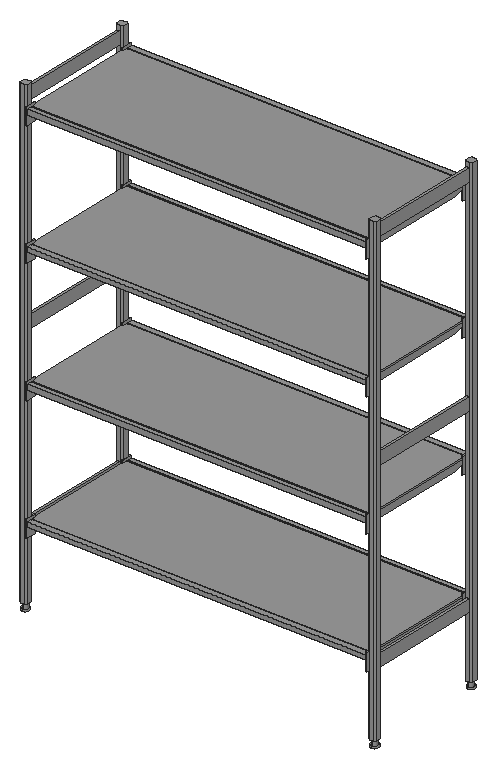
Revit family "QF_ELECTROLUXPROFESSIONAL_137036_BLS1304", category Attrezzature speciali, Revit 2020
Family settings
  Quota connettore circolare = Usa diametro
  Tipo di parte = Normale
  Basato su piano di lavoro = No
  Sempre verticale = Sì
  Taglio con vuoti quando caricato = No
  Condiviso = No
  Punto di calcolo locali = No
Parameters (values of type "Standard")
  Weight = 25.00 kg
  Watts = 0 W
  Volts = 0 V
  URL Manufacturer = "https://www.electroluxprofessional.com/"
  URL = "https://www.electroluxprofessional.com/"
  Steam Supply Size = 0 mm
  Steam Supply Minimum Pressure = 0.0 Pa
  Steam Supply Maximum Pressure = 0.0 Pa
  Steam Consumption per Hour = 0
  Refrigeration Suction Line Size = 0.0 mm
  Refrigeration Liquid Line Size = 0.0 mm
  Refrigerant Compressor Remote = yes
  Prospetto di default = 0.0 mm
  Phase = 0
  Modello = "BLS1304"
  Produttore = "Electrolux Professional"
  Length Actual = 1304.0 mm  # constant formula
  Item Number = "137036"
  Hot Water Size = 0 mm
  Height Actual = 1700.0 mm  # constant formula
  HP = "0 HP"
  Gas Size = 0 mm
  Gas KW = 0
  Gas Input Pressure = 0 W
  Direct Waste Size = 0 mm
  Descrizione = "ALUM.LINEAR SHELV.-POLY.TIERS-475X1304MM"
  Depth Actual = 475.0 mm  # constant formula
  Cycle = 0 Hz
  Condensate Return Size = 0 mm
  Compressed Air Volume = 0.0 L/s
  Compressed Air Size = 0 mm
  Compressed Air Pressure = 0.0 Pa
  Cold Water Size = 0 mm
  Accessory = yes
Reference planes
  plane 1: z = 0
  plane 2 "Center (Left/Right)": x = -31
  plane 3 "LEFT": x = -683
  plane 4 "RIGHT": x = 621
  plane 5 "BACK": y = 23
  plane 6 "FRONT": y = -452
  plane 7 "TOP": z = 1700
  plane 8: x = 616
  plane 9: x = -651
  plane 10: x = 589
  plane 11 "Center (Front/Back)": y = -214.5
  plane 12: x = 584
  plane 13: y = -8.5
  plane 14: y = -420.5
  plane 15 "FEET": z = 25
  plane 16: z = 275
  plane 17: z = 725
  plane 18: z = 1175
  plane 19: z = 1625
  plane 20 "CXLeft": x = -669
  plane 21 "CXRight": x = 607
  plane 22: y = 5.5
  plane 23 "CYBack": y = 5.5
  plane 24 "CYFront": y = -434.5
Forms (mm)
  Extrusion 1, solid, material "QF_Aluminum"
    sketch origin (-683, 0, 0) x (0, 1, 0) y (0, 0, 1)
      loop
        line (4, 1650.994) -> (4, 1632.998) -> (23, 1632.998) -> (23, 1650.994) -> (4, 1650.994)
      loop
        line (-433, 1650.994) -> (-452, 1650.994) -> (-452, 1632.998) -> (-433, 1632.998) -> (-433, 1650.994)
      loop
        line (4, 1200.994) -> (4, 1182.998) -> (23, 1182.998) -> (23, 1200.994) -> (4, 1200.994)
      loop
        line (-433, 1200.994) -> (-452, 1200.994) -> (-452, 1182.998) -> (-433, 1182.998) -> (-433, 1200.994)
      loop
        line (4, 750.994) -> (4, 732.998) -> (23, 732.998) -> (23, 750.994) -> (4, 750.994)
      loop
        line (-433, 750.994) -> (-452, 750.994) -> (-452, 732.998) -> (-433, 732.998) -> (-433, 750.994)
      loop
        line (4, 300.994) -> (4, 282.998) -> (23, 282.998) -> (23, 300.994) -> (4, 300.994)
      loop
        line (-433, 300.994) -> (-452, 300.994) -> (-452, 282.998) -> (-433, 282.998) -> (-433, 300.994)
    from 32 to 1272
  Extrusion 2, solid, material "QF_Polyethylene"
    sketch origin (-683, 0, 0) x (0, 1, 0) y (0, 0, 1)
      loop
        line (2.007, 1650.994) -> (-431, 1650.994) -> (-431, 1644.496) -> (2.007, 1644.496) -> (2.007, 1650.994)
      loop
        line (2.007, 1200.994) -> (-431, 1200.994) -> (-431, 1194.496) -> (2.007, 1194.496) -> (2.007, 1200.994)
      loop
        line (2.007, 750.994) -> (-431, 750.994) -> (-431, 744.496) -> (2.007, 744.496) -> (2.007, 750.994)
      loop
        line (2.007, 300.994) -> (-431, 300.994) -> (-431, 294.496) -> (2.007, 294.496) -> (2.007, 300.994)
    from 32 to 1272
  Extrusion 3, solid, material "QF_Aluminum"
    sketch origin (621, 0, 0) x (0, 1, 0) y (0, 0, 1)
      loop
        line (-12, 1632.998) -> (4, 1632.998) -> (4, 1650.994) -> (2.007, 1650.994) -> (2.007, 1644.496) -> (-431, 1644.496) -> (-431, 1650.994) -> (-433, 1650.994) -> (-433, 1632.998) -> (-417, 1632.998) -> (-383, 1620.994) -> (-46, 1620.994) -> (-12, 1632.998)
      loop
        line (-12, 1182.998) -> (4, 1182.998) -> (4, 1200.994) -> (2.007, 1200.994) -> (2.007, 1194.496) -> (-431, 1194.496) -> (-431, 1200.994) -> (-433, 1200.994) -> (-433, 1182.998) -> (-417, 1182.998) -> (-383, 1170.994) -> (-46, 1170.994) -> (-12, 1182.998)
      loop
        line (-12, 732.998) -> (4, 732.998) -> (4, 750.994) -> (2.007, 750.994) -> (2.007, 744.496) -> (-431, 744.496) -> (-431, 750.994) -> (-433, 750.994) -> (-433, 732.998) -> (-417, 732.998) -> (-383, 720.994) -> (-46, 720.994) -> (-12, 732.998)
      loop
        line (-12, 282.998) -> (4, 282.998) -> (4, 300.994) -> (2.007, 300.994) -> (2.007, 294.496) -> (-431, 294.496) -> (-431, 300.994) -> (-433, 300.994) -> (-433, 282.998) -> (-417, 282.998) -> (-383, 270.994) -> (-46, 270.994) -> (-12, 282.998)
    from -32 to -37
Lines and regions (mm)
  symbolic lines
    curve 1: line (589, 4, 1700) -> (-651, 4, 1700)
    curve 2: line (-655, 23, 1700) -> (593, 23, 1700)
    curve 3: line (593, 13.246, 1700) -> (599.254, 19.5, 1700)
    curve 4: line (599.254, -8.5, 1700) -> (593, -2.246, 1700)
    curve 5: line (599.254, -420.5, 1700) -> (593, -426.754, 1700)
    curve 6: line (-655, -452, 1700) -> (593, -452, 1700)
    curve 7: line (593, 23, 1700) -> (593, -12.993, 1700)
    curve 8: line (593, -12.993, 1700) -> (589, -12.993, 1700)
    curve 9: line (593, -452, 1700) -> (593, -416.007, 1700)
    curve 10: line (593, -416.007, 1700) -> (589, -416.007, 1700)
    curve 11: line (-651, -12.993, 1700) -> (-651, -416.007, 1700)
    curve 12: line (-651, -433, 1700) -> (589, -433, 1700)
    curve 13: line (589, -12.993, 1700) -> (589, -416.007, 1700)
Dimensions and locks
  locked: plane 3 "LEFT" to plane 4 "RIGHT" at 1304
  equal spacing: plane 3 "LEFT", plane 2 "Center (Left/Right)", plane 4 "RIGHT"
  locked: plane 7 "TOP" to level at 1700
  locked: plane 5 "BACK" to plane 6 "FRONT" at 475
  locked: plane 4 "RIGHT" to plane 8 at 5
  locked: plane 9 to plane 10 at 1240
  locked: plane 3 "LEFT" to plane 9 at 32
  plane 12 to plane 10 = 5.0 mm
  locked: plane 13 to plane 14 at 412
  equal spacing: plane 13, plane 11 "Center (Front/Back)", plane 14
  equal spacing: plane 5 "BACK", plane 11 "Center (Front/Back)", plane 6 "FRONT"
  plane 15 "FEET" to level = 25.0 mm
  plane 7 "TOP" to plane 15 "FEET" = 1675.0 mm
  plane 16 to plane 15 "FEET" = 250.0 mm
  plane 17 to plane 16 = 450.0 mm
  plane 18 to plane 17 = 450.0 mm
  plane 19 to plane 18 = 450.0 mm
  locked: plane 3 "LEFT" to plane 20 "CXLeft" at 14
  locked: plane 21 "CXRight" to plane 4 "RIGHT" at 14
  locked: plane 5 "BACK" to plane 23 "CYBack" at 17.5
  locked: plane 24 "CYFront" to plane 6 "FRONT" at 17.5
  aligned and locked: level to plane 1
  aligned and locked: plane 9 to Extrusion 2
  aligned and locked: Extrusion 2 to plane 10
  aligned and locked: plane 9 to Extrusion 1
  aligned and locked: Extrusion 1 to plane 10
  aligned and locked: Extrusion 1 sketch curve to Extrusion 1 sketch curve  (x2)
  aligned and locked: Extrusion 3 sketch curve to Extrusion 3 sketch curve  (x3)
  aligned and locked: Extrusion 3 to plane 12
  aligned and locked: Extrusion 3 to plane 10
  aligned and locked: nested 1 to plane 20 "CXLeft"
  aligned and locked: nested 2 to plane 21 "CXRight"
Automatic sketch dimensions
  Extrusion 1 sketch curve to plane 6 "FRONT" = 0.0 mm  (x4)
  Extrusion 1 sketch curve to plane 5 "BACK" = 0.0 mm  (x4)
  plane 24 "CYFront" to Extrusion 1 sketch curve = 1.5 mm  (x2)
  plane 22 to Extrusion 1 sketch curve = 1.5 mm  (x4)
  plane 16 to Extrusion 1 sketch curve = 7.998 mm  (x2)
  Extrusion 1 sketch curve to Extrusion 1 sketch curve = 17.997 mm  (x8)
  plane 17 to Extrusion 1 sketch curve = 7.998 mm  (x2)
  plane 18 to Extrusion 1 sketch curve = 7.998 mm  (x2)
  plane 19 to Extrusion 1 sketch curve = 7.998 mm  (x2)
  plane 24 "CYFront" to Extrusion 2 sketch curve = 3.5 mm  (x4)
  plane 22 to Extrusion 2 sketch curve = 3.493 mm  (x4)
  plane 16 to Extrusion 2 sketch curve = 19.496 mm
  Extrusion 2 sketch curve to Extrusion 2 sketch curve = 6.499 mm  (x4)
  plane 17 to Extrusion 2 sketch curve = 19.496 mm
  plane 18 to Extrusion 2 sketch curve = 19.496 mm
  plane 19 to Extrusion 2 sketch curve = 19.496 mm
  plane 24 "CYFront" to Extrusion 3 sketch curve = 1.5 mm  (x4)
  Extrusion 3 sketch curve to Extrusion 3 sketch curve = 2.0 mm
  plane 14 to Extrusion 3 sketch curve = 3.5 mm  (x4)
  Extrusion 3 sketch curve to plane 16 = 4.006 mm
  Extrusion 3 sketch curve to Extrusion 3 sketch curve = 34.0 mm  (x4)
  Extrusion 3 sketch curve to plane 17 = 4.006 mm
  Extrusion 3 sketch curve to plane 18 = 4.006 mm
  Extrusion 3 sketch curve to plane 19 = 4.006 mm
  Extrusion 3 sketch curve to plane 13 = 37.5 mm  (x4)
  Extrusion 3 sketch curve to plane 13 = 3.5 mm  (x4)
  plane 22 to Extrusion 3 sketch curve = 3.493 mm  (x4)
  plane 22 to Extrusion 3 sketch curve = 1.5 mm  (x4)
  plane 16 to Extrusion 3 sketch curve = 7.998 mm  (x2)
  Extrusion 3 sketch curve to Extrusion 3 sketch curve = 11.498 mm  (x4)
  Extrusion 3 sketch curve to Extrusion 3 sketch curve = 6.499 mm  (x8)
  plane 17 to Extrusion 3 sketch curve = 7.998 mm  (x2)
  plane 18 to Extrusion 3 sketch curve = 7.998 mm  (x2)
  plane 19 to Extrusion 3 sketch curve = 7.998 mm  (x2)
  curve 6 to plane 6 "FRONT" = 0.0 mm
  curve 12 to plane 9 = 0.0 mm
  curve 12 to plane 10 = 0.0 mm
  curve 5 to plane 14 = 0.0 mm
  curve 11 to plane 9 = 0.0 mm
  curve 8 to plane 10 = 0.0 mm
  curve 4 to plane 13 = 0.0 mm
  curve 1 to plane 9 = 0.0 mm
  curve 1 to plane 10 = 0.0 mm
  curve 2 to plane 5 "BACK" = 0.0 mm
  plane 14 to curve 10 = 4.493 mm
  curve 7 to plane 13 = 4.493 mm
  curve 10 to plane 10 = 4.0 mm
  curve 7 to plane 10 = 4.0 mm
  plane 24 "CYFront" to curve 12 = 1.5 mm
  curve 5 to plane 14 = 6.254 mm
  plane 14 to curve 11 = 4.493 mm
  curve 11 to plane 13 = 4.493 mm
  plane 13 to curve 4 = 6.254 mm
  plane 22 to curve 1 = 1.5 mm
  curve 3 to plane 22 = 7.746 mm
  curve 3 to plane 5 "BACK" = 3.5 mm
  curve 5 to curve 9 = 6.254 mm
  curve 3 to curve 2 = 6.254 mm
  curve 4 to curve 7 = 6.254 mm
  plane 9 to curve 2 = 4.0 mm
  plane 9 to curve 6 = 4.0 mm
Nested families
  nested 1: "WT_Anta475" at (-266, 0, 0), type "WT_Anta475"
  nested 2: "WT_Anta475" at (204, 0, 0) x (-1, 0, 0) z (0, 0, 1), type "WT_Anta475"
Definition of nested family "WT_Anta475"
  Parameters
    WidthLeft = A + 64.0 mm  # 772.0 mm
    Width = 1606.0 mm
    Right = WidthLeft / 2  # 386.0 mm
    Default Elevation = 0.0 mm
    Left = -WidthLeft / 2  # -386.0 mm
    Height = 1725.0 mm
    FEET = 25.0 mm
    E = 0.0 mm
    Dint = Depth - 63.0 mm  # 412.0 mm
    Dext = Depth - 8.0 mm  # 467.0 mm
    Depth = 475.0 mm
    DX = (WidthLeft - A) / 2  # 32.0 mm
    B = 798.0 mm
    A = 708.0 mm
  Reference planes
    plane 1: z = 0
    plane 2 "LEFT": x = -417
    plane 3 "BACK": y = 23
    plane 4 "FRONT": y = -452
    plane 5 "TOP": z = 1725
    plane 6 "Center (Front/Back)": y = -214.5
    plane 7: y = -8.5
    plane 8: y = -420.5
    plane 9 "FEET": z = 25
    plane 10: z = 275
    plane 11: z = 725
    plane 12: z = 1175
    plane 13: z = 1625
    plane 14 "CXLeft": x = -403
    plane 15: y = 5.5
    plane 16 "CYBack": y = 5.5
    plane 17 "CYFront": y = -434.5
    plane 18: x = -385.031
    plane 19: x = -380.031
  Forms (mm)
    Extrusion 1, solid
      sketch origin (0, 0, 0) x (1, 0, 0) y (0, 1, 0)
        loop
          line (-417, 13.246) -> (-417, -2.246) -> (-410.746, -8.5) -> (-395.254, -8.5) -> (-389, -2.246) -> (-389, 13.246) -> (-395.254, 19.5) -> (-410.746, 19.5) -> (-417, 13.246)
      from 1725 to 25
    Extrusion 2, solid
      sketch origin (-417, 0, 0) x (0, 1, 0) y (0, 0, 1)
        loop
          line (23, 246.005) -> (23, 307.993) -> (-12.993, 307.993) -> (-12.993, 246.005) -> (23, 246.005)
        loop
          line (-452, 246.005) -> (-416.007, 246.005) -> (-416.007, 307.993) -> (-452, 307.993) -> (-452, 246.005)
        loop
          line (23, 696.005) -> (23, 757.993) -> (-12.993, 757.993) -> (-12.993, 696.005) -> (23, 696.005)
        loop
          line (-452, 696.005) -> (-416.007, 696.005) -> (-416.007, 757.993) -> (-452, 757.993) -> (-452, 696.005)
        loop
          line (23, 1146.005) -> (23, 1207.993) -> (-12.993, 1207.993) -> (-12.993, 1146.005) -> (23, 1146.005)
        loop
          line (-452, 1146.005) -> (-416.007, 1146.005) -> (-416.007, 1207.993) -> (-452, 1207.993) -> (-452, 1146.005)
        loop
          line (23, 1596.005) -> (23, 1657.993) -> (-12.993, 1657.993) -> (-12.993, 1596.005) -> (23, 1596.005)
        loop
          line (-452, 1596.005) -> (-416.007, 1596.005) -> (-416.007, 1657.993) -> (-452, 1657.993) -> (-452, 1596.005)
      from 28 to 32
    Revolve 3, solid
      sketch origin (-403, 0, 0) x (0, 1, 0) y (0, 0, 1)
        loop
          line (5.5, 25) -> (5.5, 0) -> (19, 0) -> (19, 5) -> (14, 5) -> (14, 25) -> (5.5, 25)
        axis (5.5, 25) -> (5.5, 0)
      angle from 0 to 360
    Extrusion 4, solid
      sketch origin (-403, 0, 0) x (0, 1, 0) y (0, 0, 1)
        loop
          line (-8.5, 912.382) -> (-8.5, 957.374) -> (-420.5, 957.374) -> (-420.5, 912.382) -> (-8.5, 912.382)
        loop
          line (-8.5, 1662.244) -> (-8.5, 1707.236) -> (-420.5, 1707.236) -> (-420.5, 1662.244) -> (-8.5, 1662.244)
      from -5 to 5
    Revolve 5, solid
      sketch origin (-403, -627, 0) x (0, -1, 0) y (0, 0, 1)
        loop
          line (-192.5, 25) -> (-192.5, 0) -> (-179, 0) -> (-179, 5) -> (-184, 5) -> (-184, 25) -> (-192.5, 25)
        axis (-192.5, 25) -> (-192.5, 0)
      angle from 0 to 360
    Extrusion 6, solid
      sketch origin (0, -627, 0) x (1, 0, 0) y (0, 1, 0)
        loop
          line (-417, 184.754) -> (-410.746, 178.5) -> (-395.254, 178.5) -> (-389, 184.754) -> (-389, 200.246) -> (-395.254, 206.5) -> (-410.746, 206.5) -> (-417, 200.246) -> (-417, 184.754)
      from 1725 to 25
    Extrusion 7, solid
      sketch origin (-417.031, -0.022, 0) x (0, 1, 0) y (0, 0, -1)
        loop
          line (-12, -1632.998) -> (-46, -1620.994) -> (-383, -1620.994) -> (-417, -1632.998) -> (-433, -1632.998) -> (-433, -1650.994) -> (-431, -1650.994) -> (-431, -1644.496) -> (2.007, -1644.496) -> (2.007, -1650.994) -> (4, -1650.994) -> (4, -1632.998) -> (-12, -1632.998)
        loop
          line (-12, -1182.998) -> (-46, -1170.994) -> (-383, -1170.994) -> (-417, -1182.998) -> (-433, -1182.998) -> (-433, -1200.994) -> (-431, -1200.994) -> (-431, -1194.496) -> (2.007, -1194.496) -> (2.007, -1200.994) -> (4, -1200.994) -> (4, -1182.998) -> (-12, -1182.998)
        loop
          line (-12, -732.998) -> (-46, -720.994) -> (-383, -720.994) -> (-417, -732.998) -> (-433, -732.998) -> (-433, -750.994) -> (-431, -750.994) -> (-431, -744.496) -> (2.007, -744.496) -> (2.007, -750.994) -> (4, -750.994) -> (4, -732.998) -> (-12, -732.998)
        loop
          line (-12, -282.998) -> (-46, -270.994) -> (-383, -270.994) -> (-417, -282.998) -> (-433, -282.998) -> (-433, -300.994) -> (-431, -300.994) -> (-431, -294.496) -> (2.007, -294.496) -> (2.007, -300.994) -> (4, -300.994) -> (4, -282.998) -> (-12, -282.998)
      from -32 to -37
    Extrusion 8, solid
      sketch origin (-403, 0, -659.878) x (0, 1, 0) y (0, 0, 1)
        loop
          line (-8.5, 912.382) -> (-8.5, 957.374) -> (-420.5, 957.374) -> (-420.5, 912.382) -> (-8.5, 912.382)
        loop
          line (-8.5, 1572.382) -> (-8.5, 1617.374) -> (-420.5, 1617.374) -> (-420.5, 1572.382) -> (-8.5, 1572.382)
        loop
          line (-8.5, 2322.382) -> (-8.5, 2367.374) -> (-420.5, 2367.374) -> (-420.5, 2322.382) -> (-8.5, 2322.382)
      from -5 to 5
  Lines and regions (mm)
    symbolic lines
      curve 1: line (-408, -8.5, 1725) -> (-408, -420.5, 1725)
      curve 2: line (-398, -420.5, 1725) -> (-398, -8.5, 1725)
      curve 3: line (-395.254, -8.5, 1725) -> (-410.746, -8.5, 1725)
      curve 4: line (-417, -2.246, 1725) -> (-410.746, -8.5, 1725)
      curve 5: line (-417, 13.246, 1725) -> (-417, -2.246, 1725)
      curve 6: line (-410.746, 19.5, 1725) -> (-417, 13.246, 1725)
      curve 7: line (-395.254, 19.5, 1725) -> (-410.746, 19.5, 1725)
      curve 8: line (-389, 13.246, 1725) -> (-395.254, 19.5, 1725)
      curve 9: line (-395.254, -8.5, 1725) -> (-389, -2.246, 1725)
      curve 10: line (-395.254, -420.5, 1725) -> (-410.746, -420.5, 1725)
      curve 11: line (-417, -426.754, 1725) -> (-410.746, -420.5, 1725)
      curve 12: line (-410.746, -448.5, 1725) -> (-417, -442.246, 1725)
      curve 13: line (-395.254, -448.5, 1725) -> (-410.746, -448.5, 1725)
      curve 14: line (-389, -442.246, 1725) -> (-395.254, -448.5, 1725)
      curve 15: line (-395.254, -420.5, 1725) -> (-389, -426.754, 1725)
      curve 16: line (-389, -452, 1725) -> (-389, -416.007, 1725)
      curve 17: line (-389, -416.007, 1725) -> (-385, -416.007, 1725)
      curve 18: line (-389, 23, 1725) -> (-389, -12.993, 1725)
      curve 19: line (-389, -12.993, 1725) -> (-385, -12.993, 1725)
      curve 20: line (-417, -426.754, 1725) -> (-417, -442.246, 1725)
      curve 21: line (-385, -452, 1725) -> (-385, -416.007, 1725)
      curve 22: line (-385, -452, 1725) -> (-389, -452, 1725)
      curve 23: line (-385, 23, 1725) -> (-389, 23, 1725)
      curve 24: line (-385, -12.993, 1725) -> (-385, 23, 1725)
      curve 25: line (-385.031, -13.016, 1725) -> (-385.031, -416.029, 1725)
  Dimensions and locks
    "Height": plane 5 "TOP" to level
    "Depth": plane 3 "BACK" to plane 4 "FRONT"
    "Dint": plane 7 to plane 8
    equal spacing: plane 7, plane 6 "Center (Front/Back)", plane 8
    equal spacing: plane 3 "BACK", plane 6 "Center (Front/Back)", plane 4 "FRONT"
    plane 9 "FEET" to level = 25.0 mm
    plane 5 "TOP" to plane 9 "FEET" = 1700.0 mm
    plane 10 to plane 9 "FEET" = 250.0 mm
    plane 11 to plane 10 = 450.0 mm
    plane 12 to plane 11 = 450.0 mm
    plane 13 to plane 12 = 450.0 mm
    locked: plane 2 "LEFT" to plane 14 "CXLeft" at 14
    locked: plane 3 "BACK" to plane 16 "CYBack" at 17.5
    locked: plane 17 "CYFront" to plane 4 "FRONT" at 17.5
    locked: Revolve 3 sketch curve to Revolve 3 sketch curve at 8.5
    locked: Revolve 3 sketch curve to plane 16 "CYBack" at 13.5
    locked: Revolve 5 sketch curve to Revolve 5 sketch curve at 8.5
    aligned and locked: level to plane 1
    aligned and locked: curve 20 to Extrusion 6
    aligned and locked: plane 5 "TOP" to Extrusion 1
    aligned and locked: plane 5 "TOP" to Extrusion 6
    aligned and locked: Extrusion 7 sketch curve to Extrusion 7 sketch curve  (x3)
  Automatic sketch dimensions
    curve 16 to plane 4 "FRONT" = 0.0 mm
    curve 11 to plane 8 = 0.0 mm
    curve 9 to plane 7 = 0.0 mm
    curve 5 to plane 2 "LEFT" = 0.0 mm
    curve 23 to plane 3 "BACK" = 0.0 mm
    plane 4 "FRONT" to curve 13 = 3.5 mm
    curve 20 to plane 17 "CYFront" = 7.746 mm
    curve 20 to plane 8 = 6.254 mm
    plane 8 to curve 16 = 4.493 mm
    curve 24 to plane 18 = 0.031 mm
    curve 24 to plane 7 = 4.493 mm
    plane 7 to curve 5 = 6.254 mm
    curve 5 to plane 15 = 7.746 mm
    curve 6 to plane 3 "BACK" = 3.5 mm
    curve 21 to plane 18 = 0.031 mm
    plane 18 to curve 23 = 3.969 mm
    plane 18 to curve 16 = 3.969 mm
    curve 18 to curve 8 = 6.254 mm
    curve 18 to curve 3 = 6.254 mm
    curve 16 to curve 13 = 6.254 mm
    curve 16 to curve 15 = 6.254 mm
    plane 2 "LEFT" to curve 10 = 6.254 mm
    plane 2 "LEFT" to curve 7 = 6.254 mm
    plane 2 "LEFT" to curve 12 = 6.254 mm
    plane 2 "LEFT" to curve 3 = 6.254 mm
    curve 14 to plane 17 "CYFront" = 7.746 mm
    curve 15 to plane 8 = 6.254 mm
    plane 7 to curve 9 = 6.254 mm
    curve 8 to plane 15 = 7.746 mm
    curve 3 to curve 2 = 2.746 mm
    curve 1 to curve 10 = 2.746 mm
    Extrusion 1 sketch curve to plane 2 "LEFT" = 0.0 mm
    Extrusion 1 sketch curve to plane 7 = 0.0 mm
    plane 2 "LEFT" to Extrusion 1 sketch curve = 6.254 mm  (x2)
    plane 14 "CXLeft" to Extrusion 1 sketch curve = 7.746 mm  (x2)
    Extrusion 1 sketch curve to plane 3 "BACK" = 3.5 mm
    plane 18 to Extrusion 1 sketch curve = 3.969 mm
    plane 7 to Extrusion 1 sketch curve = 6.254 mm  (x2)
    Extrusion 1 sketch curve to plane 15 = 7.746 mm  (x2)
    Extrusion 2 sketch curve to plane 4 "FRONT" = 0.0 mm  (x4)
    Extrusion 2 sketch curve to plane 3 "BACK" = 0.0 mm  (x4)
    plane 8 to Extrusion 2 sketch curve = 4.493 mm  (x4)
    Extrusion 2 sketch curve to plane 7 = 4.493 mm  (x4)
    Extrusion 2 sketch curve to plane 10 = 28.995 mm  (x2)
    plane 10 to Extrusion 2 sketch curve = 32.993 mm  (x2)
    Extrusion 2 sketch curve to plane 11 = 28.995 mm  (x2)
    plane 11 to Extrusion 2 sketch curve = 32.993 mm  (x2)
    Extrusion 2 sketch curve to plane 12 = 28.995 mm  (x2)
    plane 12 to Extrusion 2 sketch curve = 32.993 mm  (x2)
    Extrusion 2 sketch curve to plane 13 = 28.995 mm  (x2)
    plane 13 to Extrusion 2 sketch curve = 32.993 mm  (x2)
    Revolve 3 sketch curve to plane 9 "FEET" = 0.0 mm  (x2)
    Revolve 3 sketch curve to plane 15 = 0.0 mm  (x2)
    Revolve 3 sketch curve to level = 0.0 mm
    level to Revolve 3 sketch curve = 5.0 mm
    Revolve 3 sketch curve to Revolve 3 sketch curve = 11.655 mm
    Extrusion 4 sketch curve to plane 8 = 0.0 mm  (x2)
    Extrusion 4 sketch curve to plane 7 = 0.0 mm  (x2)
    plane 11 to Extrusion 4 sketch curve = 187.382 mm
    Extrusion 4 sketch curve to Extrusion 4 sketch curve = 44.992 mm
    plane 13 to Extrusion 4 sketch curve = 37.244 mm
    Extrusion 4 sketch curve to plane 5 "TOP" = 17.764 mm
    Revolve 5 sketch curve to plane 9 "FEET" = 0.0 mm  (x2)
    Revolve 5 sketch curve to plane 17 "CYFront" = 0.0 mm  (x2)
    Revolve 5 sketch curve to level = 0.0 mm
    Revolve 5 sketch curve to plane 4 "FRONT" = 4.0 mm
    Revolve 5 sketch curve to Revolve 5 sketch curve = 5.0 mm
    level to Revolve 5 sketch curve = 11.655 mm
    Extrusion 6 sketch curve to plane 2 "LEFT" = 0.0 mm
    Extrusion 6 sketch curve to plane 8 = 0.0 mm
    Extrusion 6 sketch curve to plane 2 "LEFT" = 6.254 mm  (x2)
    Extrusion 6 sketch curve to plane 14 "CXLeft" = 7.746 mm  (x2)
    Extrusion 6 sketch curve to plane 4 "FRONT" = 3.5 mm
    Extrusion 6 sketch curve to plane 18 = 3.969 mm
    plane 8 to Extrusion 6 sketch curve = 6.254 mm  (x2)
    plane 17 "CYFront" to Extrusion 6 sketch curve = 7.746 mm  (x2)
    plane 17 "CYFront" to Extrusion 7 sketch curve = 1.478 mm  (x4)
    Extrusion 7 sketch curve to Extrusion 7 sketch curve = 2.0 mm
    plane 8 to Extrusion 7 sketch curve = 3.478 mm  (x4)
    Extrusion 7 sketch curve to plane 10 = 4.006 mm
    Extrusion 7 sketch curve to Extrusion 7 sketch curve = 34.0 mm  (x4)
    Extrusion 7 sketch curve to plane 11 = 4.006 mm
    Extrusion 7 sketch curve to plane 12 = 4.006 mm
    Extrusion 7 sketch curve to plane 13 = 4.006 mm
    Extrusion 7 sketch curve to plane 7 = 37.522 mm  (x4)
    Extrusion 7 sketch curve to plane 7 = 3.522 mm  (x4)
    plane 15 to Extrusion 7 sketch curve = 3.516 mm  (x4)
    plane 15 to Extrusion 7 sketch curve = 1.522 mm  (x4)
    plane 13 to Extrusion 7 sketch curve = 7.998 mm  (x2)
    Extrusion 7 sketch curve to Extrusion 7 sketch curve = 11.498 mm
    Extrusion 7 sketch curve to Extrusion 7 sketch curve = 6.499 mm  (x5)
    plane 12 to Extrusion 7 sketch curve = 25.994 mm  (x2)
    plane 12 to Extrusion 7 sketch curve = 7.998 mm  (x2)
    plane 11 to Extrusion 7 sketch curve = 25.994 mm  (x2)
    plane 11 to Extrusion 7 sketch curve = 7.998 mm  (x2)
    plane 10 to Extrusion 7 sketch curve = 25.994 mm  (x2)
    plane 10 to Extrusion 7 sketch curve = 7.998 mm  (x2)
    curve 25 to plane 18 = 0.0 mm
    plane 8 to curve 25 = 4.471 mm
    curve 25 to plane 7 = 4.516 mm
    Extrusion 8 sketch curve to plane 8 = 0.0 mm  (x3)
    Extrusion 8 sketch curve to plane 7 = 0.0 mm  (x3)
    Extrusion 8 sketch curve to plane 10 = 22.496 mm
    plane 10 to Extrusion 8 sketch curve = 22.496 mm
    plane 11 to Extrusion 8 sketch curve = 187.504 mm
    Extrusion 8 sketch curve to Extrusion 8 sketch curve = 44.992 mm
    plane 13 to Extrusion 8 sketch curve = 37.504 mm
    Extrusion 8 sketch curve to plane 5 "TOP" = 17.504 mm
